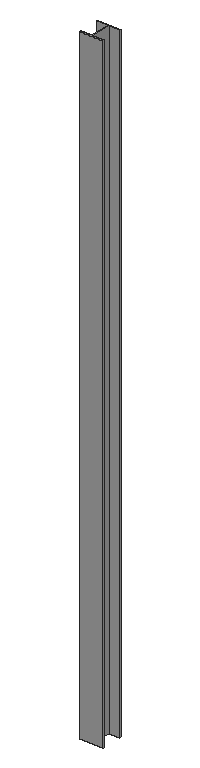
Revit family "Trave Acciaio HEA", category Generic Models, Revit 2012
Parameters (values of type "Trave HEA  260")
  Trave accicio HEA Raggio raccordo = 0.0024 m
  Trave acciao HEA Lunghezza = 0.25 m
  Trave acciaio HEA materiale = Acciaio trave
  Trave acciaio HEA altezza [instance] = 5.80 m
  Trave acciaio HEA Spessore lingue = 0.0125 m
  Trave acciaio HEA Spessore anima diviso due = Trave acciaio HEA Spessore anima / 2  # 0.00375 m
  Trave acciaio HEA Spessore anima = 0.0075 m
  Trave acciaio HEA Peso trave = 0.00 kN
  Trave acciaio HEA Peso lineare = 680 N/m
  Trave acciaio HEA Larghezza = 0.26 m
  Trave acciaio HEA Altezza estrusione [instance] = 5.60 m
  Trave acciaio HEA ALTEZZA = 7.00 m
Types (3, lengths in m): name | Trave accicio HEA Raggio raccordo | Trave acciao HEA Lunghezza | Trave acciaio HEA altezza | Trave acciaio HEA Spessore lingue | Trave acciaio HEA Spessore anima diviso due | Trave acciaio HEA Spessore anima | Trave acciaio HEA Peso lineare | Trave acciaio HEA Larghezza | Trave acciaio HEA Altezza estrusione | Trave acciaio HEA ALTEZZA
  (no name) | 0.0024 | 0.25 | 5.80 | 0.0125 | 0.00375 | 0.0075 | 680 N/m | 0.26 | 5.60 | 7.00
  Trave HEA  260 | 0.0024 | 0.25 | 5.80 | 0.0125 | 0.00375 | 0.0075 | 680 N/m | 0.26 | 5.60 | 7.00
  Trave HEA 300 | 0.014 | 0.29 | 7.00 | 0.014 | 0.00425 | 0.0085 | 880 N/m | 0.30 | 7.00 | 6.432193
Reference planes (m)
  plane 1 "Center (Front/Back)": y = 0
  plane 2: z = 0
  plane 3 "Center (Left/Right)": x = 0
  plane 4: y = 0.25
  plane 5: x = 0.26
  plane 6: y = 0.2375
  plane 7: y = 0.0125
  plane 8: x = 0.13
  plane 9: x = 0.13375
  plane 10: x = 0.12625
  plane 11: z = 7
Forms (m)
  Extrusion 1, solid, material "Acciaio trave" <- "Trave acciaio HEA materiale"
    sketch origin (0, 0, 0) x (1, 0, 0) y (0, 1, 0)
      loop
        line (0, 0.25) -> (0, 0.2375) -> (0.12385, 0.2375)
        arc (0.12385, 0.2375) -> (0.125547, 0.236797) -> (0.12625, 0.2351) r 0.0024
        line (0.12625, 0.2351) -> (0.12625, 0.0149)
        arc (0.12625, 0.0149) -> (0.125547, 0.013203) -> (0.12385, 0.0125) r 0.0024
        line (0.12385, 0.0125) -> (0, 0.0125) -> (0, 0) -> (0.26, 0) -> (0.26, 0.0125) -> (0.13615, 0.0125)
        arc (0.13615, 0.0125) -> (0.134453, 0.013203) -> (0.13375, 0.0149) r 0.0024
        line (0.13375, 0.0149) -> (0.13375, 0.2351)
        arc (0.13375, 0.2351) -> (0.134453, 0.236797) -> (0.13615, 0.2375) r 0.0024
        line (0.13615, 0.2375) -> (0.26, 0.2375) -> (0.26, 0.25) -> (0, 0.25)
    from 0 to 7
Dimensions and locks (m)
  "Trave acciaio HEA Larghezza": plane 5 to plane 3 "Center (Left/Right)"
  "Trave acciaio HEA Spessore lingue": plane 6 to plane 4
  "Trave acciaio HEA Spessore lingue": plane 7 to plane 1 "Center (Front/Back)"
  plane 7 to plane 6 = 0.225 m
  "Trave acciao HEA Lunghezza": plane 4 to plane 1 "Center (Front/Back)"
  plane 5 to plane 8 to plane 3 "Center (Left/Right)" = 0.13 m, 0.13 m
  "Trave acciaio HEA Spessore anima diviso due": plane 9 to plane 8
  "Trave acciaio HEA Spessore anima diviso due": plane 10 to plane 8
  "Trave acciaio HEA ALTEZZA": plane 11 to plane 2
  "Trave accicio HEA Raggio raccordo": radius of Extrusion 1 sketch curve  (x4)
  aligned and locked: level to plane 2
  aligned and locked: plane 4 to Extrusion 1
  aligned and locked: Extrusion 1 to plane 6  (x2)
  aligned and locked: plane 7 to Extrusion 1  (x2)
  aligned and locked: Extrusion 1 to plane 10
  aligned and locked: Extrusion 1 to plane 9
  aligned and locked: plane 11 to Extrusion 1
Automatic sketch dimensions
  Extrusion 1 sketch curve to plane 3 "Center (Left/Right)" = 0.00 m  (x2)
  plane 7 to Extrusion 1 sketch curve = 0.00 m  (x2)
  Extrusion 1 sketch curve to plane 6 = 0.00 m  (x2)
  plane 1 "Center (Front/Back)" to Extrusion 1 sketch curve = 0.00 m
  Extrusion 1 sketch curve to plane 5 = 0.00 m  (x2)
  plane 4 to Extrusion 1 sketch curve = 0.00 m
  Extrusion 1 sketch curve to plane 5 = 0.12625 m
  plane 3 "Center (Left/Right)" to Extrusion 1 sketch curve = 0.12385 m
